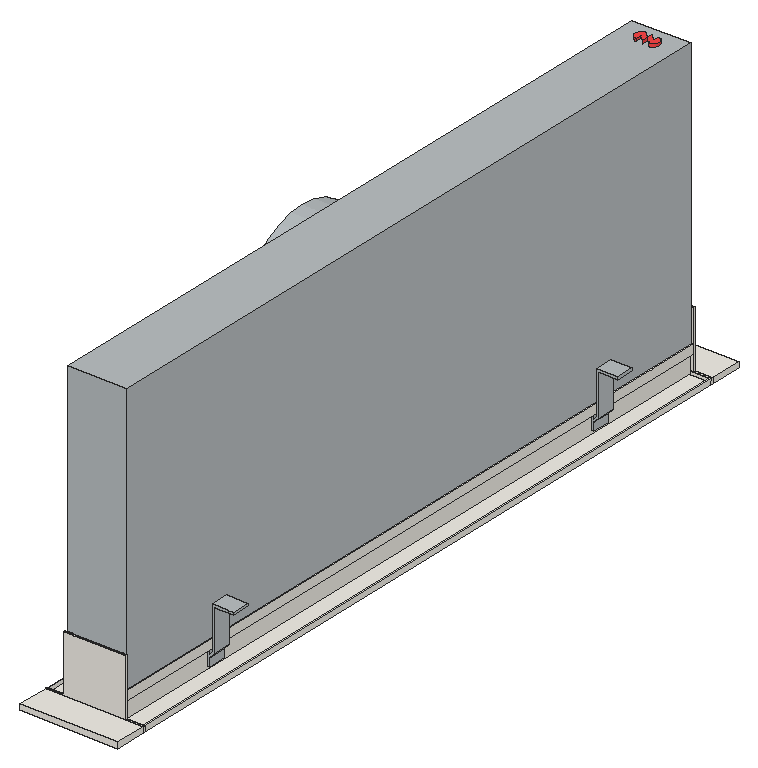
Revit family "NLRS_57_AIR_UN_linear-ceiling-grill-stxdxRUx_supply_LT_sacs", category Air Terminals, Revit 2021
Family settings
  Round Connector Dimension = Use Diameter
  Part Type = Normal
  Work Plane-Based = No
  Always vertical = Yes
  Cut with Voids When Loaded = No
  Shared = No
  Room Calculation Point = Yes
Parameters (values of type "600")
  URL = "https://solid-air.nl/producten/solid-air-lijnrooster-stad-stbd-srod/"
  Type Comments = "Standard grill with standard plenum"  # constant formula
  Swap_Endcap [instance] = no
  Swap_Arrows [instance] = no
  Slots (1-4) [instance] = 1
  SACS_West_Arrow [instance] = and(or(and([Pattern (0-2)] > 1, SACS_Index2 = 0 mm), and([Pattern (0-2)] < 1, not(Swap_Arrows)), and([Pattern (0-2)] = 1, Swap_Arrows)), SACS_Show_Arrows)  # yes
  SACS_Type_Mark [instance] = ""
  SACS_Standard_Color [instance] = yes
  SACS_Show_Symbol [instance] = yes
  SACS_Show_Arrows [instance] = yes
  SACS_Plenum_Offset [instance] = if(SACS_Index5 = 2 mm, 10 mm, 17.6 mm)  # 17.6 mm
  SACS_Plenum_L [instance] = NLRS_C_lengte - 12 mm  # 588 mm
  SACS_Plenum_H [instance] = 95 mm + NLRS_M_c01_diameter + 25 mm  # 245 mm
  SACS_Plenum_B [instance] = if(SACS_Index5 = 2 mm, 63 mm, 48.8 mm) + (SACS_Index1 - 1 mm) * 43.3  # 48.8 mm
  SACS_Option_7 [instance] = if([Slots (1-4)] < 2, "Single slot", if([Slots (1-4)] = 2, "2 slots", if([Slots (1-4)] = 3, "3 slots", "4 slots")))  # "Single slot"
  SACS_Option_6 [instance] = if([Brackets (0-3)] = 1, "A = Grill bracket A", if([Brackets (0-3)] = 2, "B = Plenum bracket B", if([Brackets (0-3)] > 2, "C = Plenum bracket C", "O = None")))  # "A = Grill bracket A"
  SACS_Option_5_Value [instance] = if([Brackets (0-3)] = 1, 1, if([Brackets (0-3)] = 2, 2, if([Brackets (0-3)] = 3, 3, 5)))  # 1
  SACS_Option_5 [instance] = if([Plenum_Type (1-2)] < 2, "R = Lined", "U = Plain")  # "R = Lined"
  SACS_Option_4 [instance] = if([Endcaps (0-3)] < 1, "A = None", if([Endcaps (0-3)] = 1, "B = One endcap", if([Endcaps (0-3)] = 2, "C = Two endcaps", "D = Two flat endcaps")))  # "C = Two endcaps"
  SACS_Option_3 [instance] = "D = Ceiling mounted"  # constant formula
  SACS_Option_2 [instance] = if([Pattern blades (1-2)] < 2, "B = Single blade", "A = Double blade")  # "A = Double blade"
  SACS_Option_1 [instance] = "ST"  # constant formula
  SACS_Offset1 [instance] = 99.5 mm + (SACS_Diameter / 2)  # 161 mm
  SACS_Model [instance] = size_lookup(SACS_Data_Hidden, "Model", "NB", NLRS_C_lengte, SACS_Index1, SACS_Index2, SACS_Index3, SACS_Index4, SACS_Index5)  # "STADCRA 600-1"
  SACS_Index5 [instance] = if([Brackets (0-3)] < 1, 5, if([Brackets (0-3)] > 3, 3, [Brackets (0-3)] - 1)) * 1 mm  # 0 mm
  SACS_Index4 [instance] = if([Plenum_Type (1-2)] < 2, 1 mm, 2 mm)  # 1 mm
  SACS_Index3 [instance] = if([Endcaps (0-3)] < 1, 0, if([Endcaps (0-3)] > 2, 3, [Endcaps (0-3)])) * 1 mm  # 2 mm
  SACS_Index2 [instance] = if([Pattern blades (1-2)] < 2, 1 mm, 0 mm)  # 0 mm
  SACS_Index1 [instance] = if([Slots (1-4)] < 2, 1 mm, if([Slots (1-4)] = 2, 2 mm, if([Slots (1-4)] = 3, 3 mm, 4 mm)))  # 1 mm
  SACS_Flow_Pattern [instance] = if([Pattern (0-2)] < 1, "Left", if([Pattern (0-2)] = 1, "Right", if(and([Pattern (0-2)] > 1, SACS_Index2 = 0 mm), "Left + Right", "Invalid")))  # "Left + Right"
  SACS_Face_Color [instance] = NLRS_57_anodised aluminium_RAL9010_gen_sacs
  SACS_East_Arrow [instance] = and(or(and([Pattern (0-2)] > 1, SACS_Index2 = 0 mm), and([Pattern (0-2)] = 1, not(Swap_Arrows)), and([Pattern (0-2)] < 1, Swap_Arrows)), SACS_Show_Arrows)  # yes
  SACS_Dummy = 1  # constant formula
  SACS_Diameter [instance] = NLRS_M_c01_diameter - 2 mm  # 123 mm
  SACS_Data_Hidden = "STxDx"  # constant formula
  SACS_Custom_Color [instance] = ""
  SACS_Color_Ral [instance] = yes
  SACS_Color [instance] = if(SACS_Standard_Color, "RAL9010", SACS_Custom_Color)  # "RAL9010"
  SACS_Base_Index = 1
  SACS_Article_Code [instance] = if(SACS_Standard_Color, size_lookup(SACS_Data_Hidden, "ArticleCode", "NB", NLRS_C_lengte, SACS_Index1, SACS_Index2, SACS_Index3, SACS_Index4, SACS_Index5), "NB")  # "8101002044"
  SACS_Array_End [instance] = SACS_Array_Base * SACS_Array_Count * 2  # 400 mm
  SACS_Array_Count [instance] = if(NLRS_C_lengte > 1200 mm, 3, 2)  # 2
  SACS_Array_Base [instance] = NLRS_C_lengte / (SACS_Array_Count + 1) / 2  # 100 mm
  SA-Select [instance] = "https://selectietool.solid-air.nl/Dashboard/CPMDashPage/Show/7"
  Plenum_Type (1-2) [instance] = 1
  Plenum_Material = NLRS_57_sendzimir verzinkt_gen_sacs
  Pattern blades (1-2) [instance] = 2
  Pattern (0-2) [instance] = 2
  NLRS_M_c01_drukverlies_statisch [instance] = 0.0 Pa
  NLRS_M_c01_diameter [instance] = size_lookup(SACS_Data_Hidden, "Diam", 125 mm, NLRS_C_lengte, SACS_Index1, SACS_Index2, SACS_Index3, SACS_Index4, SACS_Index5)  # 125 mm
  NLRS_M_c01_debiet [instance] = 0.0 L/s
  NLRS_C_model [instance] = SACS_Model  # "STADCRA 600-1"
  NLRS_C_materiaal_kleur [instance] = SACS_Color  # "RAL9010"
  NLRS_C_lengte [instance] = if(SACS_Base_Index = 1, 600 mm, if(SACS_Base_Index = 2, 750 mm, if(SACS_Base_Index = 3, 900 mm, if(SACS_Base_Index = 4, 1200 mm, if(SACS_Base_Index = 5, 1500 mm, 1800 mm)))))  # 600 mm
  NLRS_C_hoogte [instance] = SACS_Plenum_H * SACS_Dummy  # 245 mm
  NLRS_C_gtin_code [instance] = if(SACS_Standard_Color, size_lookup(SACS_Data_Hidden, "GTIN", "NB", NLRS_C_lengte, SACS_Index1, SACS_Index2, SACS_Index3, SACS_Index4, SACS_Index5), "NB")  # "NB"
  NLRS_C_description = Description  # "Solid Air Line Diffuser"
  NLRS_C_content_versie = "2.21.01"  # constant formula
  NLRS_C_content_provider = "Solid Air Climate Solutions"  # constant formula
  NLRS_C_content_datum_gewijzigd = "29-02-2024"  # constant formula
  NLRS_C_content_creator = "J.Feeke"  # constant formula
  NLRS_C_breedte [instance] = if([Brackets (0-3)] > 2, 65 mm, 52 mm) + (SACS_Index1 - 1 mm) * 43.3  # 52 mm
  Model = "Standard available ST model and types"  # constant formula
  Min Flow = 0.0 L/s
  Max Flow = 0.0 L/s
  Manufacturer = "Solid Air Climate Solutions"  # constant formula
  Endcaps (0-3) [instance] = 2
  Description = "Solid Air Line Diffuser"  # constant formula
  Default Elevation = 2700 mm
  Brackets (0-3) [instance] = 1
  Assembly Code = "57.00"
Types (7, lengths in mm): name | SACS_Plenum_L | SACS_Plenum_H | SACS_Offset1 | SACS_Model | SACS_Diameter | SACS_Base_Index | SACS_Article_Code | SACS_Array_End | SACS_Array_Count | SACS_Array_Base | NLRS_M_c01_diameter | NLRS_C_model | NLRS_C_lengte | NLRS_C_hoogte
  (no name) | 588 | 245 | 161 | "STADCRA 600-1" | 123 | 1 | "8101002044" | 400 | 2 | 100 | 125 | "STADCRA 600-1" | 600 | 245
  600 | 588 | 245 | 161 | "STADCRA 600-1" | 123 | 1 | "8101002044" | 400 | 2 | 100 | 125 | "STADCRA 600-1" | 600 | 245
  750 | 738 | 245 | 161 | "STADCRA 750-1" | 123 | 2 | "NB" | 500 | 2 | 125 | 125 | "STADCRA 750-1" | 750 | 245
  900 | 888 | 245 | 161 | "STADCRA 900-1" | 123 | 3 | "NB" | 600 | 2 | 150 | 125 | "STADCRA 900-1" | 900 | 245
  1200 | 1188 | 280 | 178.5 | "STADCRA 1200-1" | 158 | 4 | "NB" | 800 | 2 | 200 | 160 | "STADCRA 1200-1" | 1200 | 280
  1500 | 1488 | 280 | 178.5 | "STADCRA 1500-1" | 158 | 5 | "NB" | 1125 | 3 | 187.5 | 160 | "STADCRA 1500-1" | 1500 | 280
  1800 | 1788 | 320 | 198.5 | "STADCRA 1800-1" | 198 | 6 | "NB" | 1350 | 3 | 225 | 200 | "STADCRA 1800-1" | 1800 | 320
Reference planes
  plane 1 "Center (Front/Back)": y = 0
  plane 2: z = 0
  plane 3 "Center (Left/Right)": x = 0
  plane 4: y = 300
  plane 5: y = -300
  plane 6: y = 294
  plane 7: y = -294
  plane 8: x = -24.4
  plane 9: x = 24.4
  plane 10: x = -26
  plane 11: x = 26
  plane 12: x = -76
  plane 13: x = 76
  plane 14: z = 17.6
  plane 15: z = 161
  plane 16 "Top": z = 245
  plane 17: y = -200
  plane 18: y = 200
Forms (mm)
  Extrusion 1, solid, material "NLRS_57_sendzimir verzinkt_gen_sacs" <- "Plenum_Material", detail levels medium+fine
    sketch origin (0, 0, 0) x (1, 0, 0) y (0, 0, 1)
      loop
        line (-24.4, 245) -> (-24.4, 17.6) -> (24.4, 17.6) -> (24.4, 245) -> (-24.4, 245)
    from -294 to 294
  Extrusion 2, solid, material "NLRS_57_sendzimir verzinkt_gen_sacs" <- "Plenum_Material", detail levels medium+fine
    sketch origin (0, 0, 0) x (0, 1, 0) y (0, 0, 1)
      loop
        circle (0, 161) r 61.5
    from -64.4 to -24.4
Lines and regions (mm)
  model lines, visible <- "SACS_Show_Symbol", detail levels coarse
    curve 1: line (-26, 300, 0) -> (26, 300, 0)
    curve 2: line (-26, -300, 0) -> (-26, 300, 0)
    curve 3: line (26, -300, 0) -> (-26, -300, 0)
    curve 4: line (26, 300, 0) -> (26, -300, 0)
    curve 5: line (-26, 300, 0) -> (26, -300, 0)
    curve 6: line (-26, -300, 0) -> (26, 300, 0)
Dimensions and locks
  equal spacing: plane 5, plane 1 "Center (Front/Back)", plane 4
  "NLRS_C_lengte": plane 5 to plane 4
  equal spacing: plane 6, plane 1 "Center (Front/Back)", plane 7
  "SACS_Plenum_L": plane 6 to plane 7
  equal spacing: plane 10, plane 3 "Center (Left/Right)", plane 11
  "NLRS_C_breedte": plane 10 to plane 11
  "SACS_Plenum_B": plane 8 to plane 9
  equal spacing: plane 8, plane 3 "Center (Left/Right)", plane 9
  locked: plane 12 to plane 10 at 50
  locked: plane 11 to plane 13 at 50
  "SACS_Plenum_Offset": plane 14 to plane 2
  "SACS_Plenum_H": plane 16 "Top" to plane 2
  "SACS_Offset1": plane 15 to plane 2
  locked: Extrusion 2 to plane 8 at 40
  "SACS_Array_Base": plane 5 to plane 17
  "SACS_Array_End": plane 18 to plane 17
  group 1 to group 2 = 0 mm  (x2)
  group 1 to group 2 = 400 mm
  group 3 to group 4 = 0 mm  (x2)
  group 3 to group 4 = 400 mm
  locked: plane 6 to nested 6 at 15
  "SACS_Diameter": diameter of Extrusion 2 sketch curve
  aligned and locked: level to plane 2
  aligned and locked: plane 8 to Extrusion 1 sketch curve
  aligned and locked: Extrusion 1 sketch curve to plane 9
  aligned and locked: plane 14 to Extrusion 1 sketch curve
  aligned and locked: Extrusion 1 sketch curve to plane 16 "Top"
  aligned and locked: plane 6 to Extrusion 1
  aligned and locked: Extrusion 1 to plane 7
  aligned and locked: plane 15 to Extrusion 2 sketch curve
  aligned and locked: plane 1 "Center (Front/Back)" to Extrusion 2 sketch curve
  aligned and locked: plane 8 to Extrusion 2
  aligned and locked: plane 17 to nested 2
  aligned and locked: nested 1 to plane 17
  aligned and locked: plane 13 to nested 1
  aligned and locked: nested 2 to plane 12
  aligned and locked: nested 3 to plane 12
  aligned and locked: plane 18 to nested 3
  aligned and locked: plane 13 to nested 4
  aligned and locked: nested 4 to plane 18
  aligned and locked: plane 1 "Center (Front/Back)" to nested 5
  aligned and locked: plane 3 "Center (Left/Right)" to nested 5
  aligned and locked: curve 2 to plane 10
  aligned and locked: plane 4 to curve 1
  aligned and locked: curve 3 to plane 5
  aligned and locked: plane 11 to curve 4
  aligned and locked: plane 3 "Center (Left/Right)" to nested 6
Nested families
  nested 1: "Arrow" at (76, -200, 0), visible <- "SACS_East_Arrow", type "Arrow"
  nested 2: "Arrow" at (-76, -200, 0) x (-1, 0, 0) z (0, 0, 1), visible <- "SACS_West_Arrow", type "Arrow"
  nested 3: "Arrow" at (-76, 200, 0) x (-1, 0, 0) z (0, 0, 1), visible <- "SACS_West_Arrow", type "Arrow"
  nested 4: "Arrow" at (76, 200, 0), visible <- "SACS_East_Arrow", type "Arrow"
  nested 5: "SxDxxx" at (0, 0, -4.5), type "SxDxxx", detail levels medium+fine
    with SACS_Array_End 400 mm, SACS_Array_Count 2, SACS_Array_Base 100 mm
  nested 6: "logo_SACS" at (0, 279, 245), type "logo_SACS"
    with t 5 mm
Connectors
  hvac at (-24.4, 0, 161), driven by "NLRS_M_c01_diameter", driven by "NLRS_M_c01_debiet", driven by "NLRS_M_c01_drukverlies_statisch"
    settings: on Extrusion 2, index 1, duct flow 0.0 L/s, flow factor 0, pres drop 0.0 Pa, loss coef 0, conn angle 0.00°, conn width 304.8 mm, conn height 304.8 mm, conn diameter 125 mm, duct sys type 1, conn prof type 0, flow config 1, flow direction 1, loss method 4, conn ref index -1, conn util no, is conn primary yes, conn desc ""
Definition of nested family "SxDxxx"
  Parameters (values of type "SxDxxx")
    dummy = 1  # constant formula
    Swap_Endcap = no
    Slots (1-4) = 1
    Single_Slot = [Slots (1-4)] = 2  # no
    Safe_count = if([Slots (1-4)] < 3, 2, [Slots (1-4)] - 1)  # 2
    SACS_Width2 = (if([Slots (1-4)] < 2, 1, [Slots (1-4)])) * 43.3 mm  # 43.3 mm
    SACS_Real_Length = (L - 10 mm) * dummy  # 590 mm
    SACS_Array_End [instance] = SACS_Array_Base * SACS_Array_Count * 2  # 400 mm
    SACS_Array_Count [instance] = if(L > 600 mm, if(L - (rounddown(L / 600 mm) * 600 mm) = 0 mm, rounddown(L / 600 mm), rounddown(L / 600 mm) + 1), 2)  # 2
    SACS_Array_Base [instance] = L / (SACS_Array_Count + 1) / 2  # 100 mm
    Multiple_slot = [Slots (1-4)] > 2  # no
    Material = none
    L = 600 mm
    Flat_Front = or(Endplate_Front, [Endcaps (0-3)] = 3)  # yes
    Flat_Back = or(Endplate_Back, [Endcaps (0-3)] = 3)  # yes
    Endplate_Front = or(and([Endcaps (0-3)] > 1, [Endcaps (0-3)] < 3), and([Endcaps (0-3)] = 1, not(Swap_Endcap)))  # yes
    Endplate_Back = or(and([Endcaps (0-3)] > 1, [Endcaps (0-3)] < 3), and([Endcaps (0-3)] = 1, Swap_Endcap))  # yes
    Endcaps (0-3) = 2
    Description = "ST grill with brackets"  # constant formula
    Default Elevation = 2700 mm
    D = 125 mm
    Ceiling = 5 mm
    Brackets (0-4) = 1
  Reference planes
    plane 1 "Center (Front/Back)": y = 0
    plane 2: z = 0
    plane 3 "Center (Left/Right)": x = 0
    plane 4: y = 300
    plane 5: y = -300
    plane 6: y = 295
    plane 7: y = -295
    plane 8: y = -200
    plane 9: y = 200
    plane 10: x = -21.65
    plane 11 "first_midprofile": x = 21.65
    plane 12 "second midprofile": x = 64.95
    plane 13: z = 4.5
    plane 14: z = 52
    plane 15: z = 35.05
    plane 16: z = 32.55
    plane 17: z = 31.05
    plane 18: z = 36.55
    plane 19: z = 25.6
    plane 20: z = 22.1
    plane 21: z = 20.6
    plane 22: z = 17.6
    plane 23: x = -17.65
    plane 24: x = -25.95
    plane 25: x = -40.6
    plane 26: x = -9.6
    plane 27: x = 21.65
    plane 28: x = 17.65
    plane 29: x = 25.95
    plane 30: x = 40.6
    plane 31: x = 9.6
    plane 32: z = 1.5
    plane 33: x = -39.6
    plane 34: x = 39.6
    plane 35: x = -24.95
    plane 36: x = -22.4
    plane 37: x = -20.9
    plane 38: x = 22.4
    plane 39: x = 20.9
    plane 40: x = 24.95
    plane 41: y = -323.5
    plane 42: y = 323.5
    plane 43: y = -296.5
    plane 44: y = 296.5
  Forms (mm)
    Extrusion 1, solid, material <- "Material", detail levels medium+fine
      sketch origin (0, 0, 0) x (1, 0, 0) y (0, 0, 1)
        loop
          line (-20.9, 52) -> (-22.4, 52) -> (-22.4, 22.1) -> (-24.95, 22.1) -> (-24.95, 25.6) -> (-25.95, 25.6) -> (-25.95, 17.6) -> (-24.95, 17.6) -> (-24.95, 20.6) -> (-22.4, 20.6) -> (-22.4, 1.5) -> (-39.6, 1.5) -> (-39.6, 4.5) -> (-40.6, 4.5) -> (-40.6, 0) -> (-9.6, 0) -> (-9.6, 1.5) -> (-20.9, 1.5) -> (-20.9, 31.05) -> (-17.65, 31.05) -> (-17.65, 32.55) -> (-20.9, 32.55) -> (-20.9, 35.05) -> (-17.65, 35.05) -> (-17.65, 36.55) -> (-20.9, 36.55) -> (-20.9, 52)
        loop
          line (9.6, 1.5) -> (9.6, 0) -> (40.6, 0) -> (40.6, 4.5) -> (39.6, 4.5) -> (39.6, 1.5) -> (22.4, 1.5) -> (22.4, 20.6) -> (24.95, 20.6) -> (24.95, 17.6) -> (25.95, 17.6) -> (25.95, 25.6) -> (24.95, 25.6) -> (24.95, 22.1) -> (22.4, 22.1) -> (22.4, 52) -> (20.9, 52) -> (20.9, 36.55) -> (17.65, 36.55) -> (17.65, 35.05) -> (20.9, 35.05) -> (20.9, 32.55) -> (17.65, 32.55) -> (17.65, 31.05) -> (20.9, 31.05) -> (20.9, 1.5) -> (9.6, 1.5)
      from -295 to 295
    Extrusion 2, solid, material <- "Material", visible <- "Endplate_Front", detail levels medium+fine
      sketch origin (0, 0, 0) x (1, 0, 0) y (0, 1, 0)
        loop
          line (-40.6, -295) -> (-40.6, -323.5) -> (40.6, -323.5) -> (40.6, -295) -> (-40.6, -295)
      from 0 to 4.5
    Extrusion 3, solid, material <- "Material", visible <- "Endplate_Back", detail levels medium+fine
      sketch origin (0, 0, 0) x (1, 0, 0) y (0, 1, 0)
        loop
          line (-40.6, 323.5) -> (-40.6, 295) -> (40.6, 295) -> (40.6, 323.5) -> (-40.6, 323.5)
      from 0 to 4.5
    Extrusion 4, solid, material <- "Material", visible <- "Flat_Front", detail levels medium+fine
      sketch origin (0, 0, 0) x (1, 0, 0) y (0, 0, 1)
        loop
          line (-25.95, 52) -> (-25.95, 4.5) -> (-40.6, 4.5) -> (-40.6, 0) -> (40.6, 0) -> (40.6, 4.5) -> (25.95, 4.5) -> (25.95, 52) -> (-25.95, 52)
      from 295 to 296.5
    Extrusion 5, solid, material <- "Material", visible <- "Flat_Back", detail levels medium+fine
      sketch origin (0, 0, 0) x (1, 0, 0) y (0, 0, 1)
        loop
          line (-25.95, 52) -> (-25.95, 4.5) -> (-40.6, 4.5) -> (-40.6, 0) -> (40.6, 0) -> (40.6, 4.5) -> (25.95, 4.5) -> (25.95, 52) -> (-25.95, 52)
      from -296.5 to -295
    Extrusion 6, solid, not visible
      sketch origin (-525.994, -297.937, 0) x (1, 0, 0) y (0, 1, 0)
        loop
          arc (545.644, 299.937) -> (543.644, 297.937) -> (545.644, 295.937) r 2
          line (545.644, 295.937) -> (545.644, 297.937) -> (547.644, 295.937) -> (547.644, 297.937) -> (545.644, 299.937)
      from 0 to 2
    Extrusion 7, solid, not visible
      sketch origin (21.65, 0, 0) x (1, 0, 0) y (0, 1, 0)
        loop
          arc (2, -2) -> (4, 0) -> (2, 2) r 2
          line (2, 2) -> (2, 0) -> (0, 2) -> (0, 0) -> (2, -2)
      from 0 to 2
  Dimensions and locks
    equal spacing: plane 4, plane 1 "Center (Front/Back)", plane 5
    "L": plane 4 to plane 5
    equal spacing: plane 6, plane 1 "Center (Front/Back)", plane 7
    "SACS_Real_Length": plane 6 to plane 7
    "SACS_Array_Base": plane 8 to plane 5
    "SACS_Array_End": plane 9 to plane 8
    plane 10 to plane 3 "Center (Left/Right)" = 21.65 mm
    locked: plane 12 "second midprofile" to plane 11 "first_midprofile" at 43.3
    locked: plane 10 to plane 11 "first_midprofile" at 43.3
    locked: plane 13 to plane 2 at 4.5
    locked: plane 14 to plane 2 at 52
    plane 14 to plane 18 to plane 15 to plane 16 to plane 17 = 15.45 mm locked, 1.5 mm, 2.5 mm locked, 1.5 mm
    plane 26 to plane 10 to plane 25 = 12.05 mm locked, 18.95 mm locked
    plane 23 to plane 10 to plane 24 = 4 mm locked, 4.3 mm locked
    plane 31 to plane 27 to plane 30 = 12.05 mm locked, 18.95 mm locked
    plane 28 to plane 27 to plane 29 = 4 mm locked, 4.3 mm locked
    equal spacing: plane 10, plane 3 "Center (Left/Right)", plane 27
    "SACS_Width2": plane 10 to plane 27
    locked: plane 19 to plane 20 at 3.5
    locked: plane 20 to plane 21 at 1.5
    locked: plane 21 to plane 22 at 3
    locked: plane 22 to plane 2 at 17.6
    locked: plane 33 to plane 25 at 1
    plane 32 to plane 2 = 1.5 mm
    locked: plane 35 to plane 24 at 1
    locked: plane 37 to plane 10 at 0.75
    locked: plane 10 to plane 36 at 0.75
    locked: plane 27 to plane 39 at 0.75
    locked: plane 38 to plane 27 at 0.75
    locked: plane 34 to plane 30 at 1
    locked: plane 40 to plane 29 at 1
    group 1 to group 2 = 43.3 mm
    group 1 to group 2 = 0 mm  (x2)
    locked: plane 7 to plane 41 at 28.5
    locked: plane 6 to plane 42 at 28.5
    locked: plane 7 to plane 43 at 1.5
    locked: plane 44 to plane 6 at 1.5
    group 3 to group 4 = 0 mm  (x2)
    group 3 to group 4 = 400 mm
    aligned and locked: level to plane 2
    aligned and locked: plane 1 "Center (Front/Back)" to nested 1
    aligned and locked: plane 3 "Center (Left/Right)" to nested 1
    aligned and locked: Extrusion 1 sketch curve to plane 37
    aligned and locked: plane 37 to Extrusion 1 sketch curve  (x2)
    aligned and locked: Extrusion 1 sketch curve to plane 36
    aligned and locked: plane 36 to Extrusion 1 sketch curve
    aligned and locked: Extrusion 1 sketch curve to plane 14
    aligned and locked: plane 18 to Extrusion 1 sketch curve
    aligned and locked: Extrusion 1 sketch curve to plane 15
    aligned and locked: plane 16 to Extrusion 1 sketch curve
    aligned and locked: Extrusion 1 sketch curve to plane 17
    aligned and locked: Extrusion 1 sketch curve to plane 19
    aligned and locked: plane 22 to Extrusion 1 sketch curve
    aligned and locked: Extrusion 1 sketch curve to plane 20
    aligned and locked: plane 21 to Extrusion 1 sketch curve
    aligned and locked: Extrusion 1 sketch curve to plane 24
    aligned and locked: plane 35 to Extrusion 1 sketch curve
    aligned and locked: Extrusion 1 sketch curve to plane 35
    aligned and locked: Extrusion 1 sketch curve to plane 23  (x2)
    aligned and locked: Extrusion 1 sketch curve to plane 32
    aligned and locked: plane 32 to Extrusion 1 sketch curve  (x3)
    aligned and locked: plane 33 to Extrusion 1 sketch curve
    aligned and locked: plane 13 to Extrusion 1 sketch curve
    aligned and locked: Extrusion 1 sketch curve to plane 25
    aligned and locked: Extrusion 1 sketch curve to plane 2  (x2)
    aligned and locked: Extrusion 1 sketch curve to plane 30
    aligned and locked: plane 31 to Extrusion 1 sketch curve
    aligned and locked: plane 39 to Extrusion 1 sketch curve
    aligned and locked: Extrusion 1 sketch curve to plane 39
    aligned and locked: plane 14 to Extrusion 1 sketch curve
    aligned and locked: Extrusion 1 sketch curve to plane 38
    aligned and locked: plane 38 to Extrusion 1 sketch curve
    aligned and locked: Extrusion 1 sketch curve to plane 22
    aligned and locked: plane 19 to Extrusion 1 sketch curve
    aligned and locked: plane 29 to Extrusion 1 sketch curve
    aligned and locked: plane 28 to Extrusion 1 sketch curve  (x2)
    aligned and locked: Extrusion 1 sketch curve to plane 18
    aligned and locked: plane 15 to Extrusion 1 sketch curve
    aligned and locked: Extrusion 1 sketch curve to plane 16
    aligned and locked: plane 17 to Extrusion 1 sketch curve
    aligned and locked: Extrusion 1 sketch curve to plane 40  (x2)
    aligned and locked: plane 20 to Extrusion 1 sketch curve
    aligned and locked: Extrusion 1 sketch curve to plane 21
    aligned and locked: Extrusion 1 to plane 6
    aligned and locked: Extrusion 1 to plane 7
    aligned and locked: plane 11 "first_midprofile" to nested 2
    aligned and locked: plane 12 "second midprofile" to nested 3
    aligned and locked: Extrusion 2 to plane 25
    aligned and locked: Extrusion 2 sketch curve to plane 25
    aligned and locked: Extrusion 2 sketch curve to plane 7
    aligned and locked: Extrusion 2 sketch curve to plane 41
    aligned and locked: Extrusion 2 sketch curve to plane 30
    aligned and locked: Extrusion 2 to plane 2
    aligned and locked: plane 13 to Extrusion 2
    aligned and locked: Extrusion 3 sketch curve to plane 6
    aligned and locked: plane 25 to Extrusion 3 sketch curve
    aligned and locked: plane 30 to Extrusion 3 sketch curve
    aligned and locked: plane 42 to Extrusion 3 sketch curve
    aligned and locked: Extrusion 3 to plane 2
    aligned and locked: plane 13 to Extrusion 3
    aligned and locked: Extrusion 4 sketch curve to plane 14
    aligned and locked: Extrusion 4 sketch curve to plane 29
    aligned and locked: plane 13 to Extrusion 4 sketch curve  (x2)
    aligned and locked: Extrusion 4 sketch curve to plane 30
    aligned and locked: Extrusion 4 sketch curve to plane 24
    aligned and locked: Extrusion 4 sketch curve to plane 25
    aligned and locked: Extrusion 4 sketch curve to plane 2
    aligned and locked: Extrusion 4 to plane 7
    aligned and locked: Extrusion 4 to plane 43
    aligned and locked: Extrusion 5 to plane 6
    aligned and locked: Extrusion 5 to plane 44
    aligned and locked: Extrusion 5 sketch curve to plane 24
    aligned and locked: Extrusion 5 sketch curve to plane 29
    aligned and locked: Extrusion 5 sketch curve to plane 25
    aligned and locked: Extrusion 5 sketch curve to plane 2
    aligned and locked: plane 13 to Extrusion 5 sketch curve  (x2)
    aligned and locked: Extrusion 5 sketch curve to plane 30
    aligned and locked: Extrusion 5 sketch curve to plane 14
    aligned and locked: nested 4 to plane 8
    aligned and locked: nested 5 to plane 9
  Automatic sketch dimensions
    Extrusion 1 sketch curve to plane 26 = 0 mm
    plane 39 to Extrusion 1 sketch curve = 0 mm
    Extrusion 1 sketch curve to plane 13 = 0 mm
    plane 34 to Extrusion 1 sketch curve = 0 mm
    plane 33 to Extrusion 6 sketch curve = 59.25 mm
    Extrusion 6 sketch curve to Extrusion 6 sketch curve = 2 mm  (x3)
    Extrusion 6 sketch curve to plane 6 = 297 mm
    Extrusion 6 sketch curve to Extrusion 6 sketch curve = 0 mm  (x2)
    plane 33 to Extrusion 7 sketch curve = 61.25 mm
    Extrusion 7 sketch curve to Extrusion 7 sketch curve = 2 mm  (x2)
    Extrusion 7 sketch curve to plane 6 = 297 mm
    Extrusion 7 sketch curve to Extrusion 7 sketch curve = 0 mm  (x3)
  Nested families
    nested 1: "midprofile" at (0, 0, 0), visible <- "Single_Slot", type "midprofile", detail levels medium+fine
    nested 2: "midprofile" at (21.65, 0, 0), visible <- "Multiple_slot", type "midprofile", detail levels medium+fine
    nested 3: "midprofile" at (64.95, 0, 0), visible <- "Multiple_slot", type "midprofile", detail levels medium+fine
    nested 4: "bracket" at (0, -200, 0), type "bracket"
    nested 5: "bracket" at (0, 200, 0), type "bracket"
  Definition of nested family "midprofile"
    Parameters (values of type "midprofile")
      Material = none
      Draw_Length = 590 mm
      Description = "midprofile line diffusers"  # constant formula
      Default Elevation = 0 mm
    Reference planes
      plane 1 "Center (Front/Back)": y = 0
      plane 2: z = 0
      plane 3 "Center (Left/Right)": x = 0
      plane 4: y = 295
      plane 5: y = -295
      plane 6: x = -12
      plane 7: x = 12
      plane 8: x = -0.75
      plane 9: x = 0.75
      plane 10: z = 1.5
      plane 11: z = 30.3
    Forms (mm)
      Extrusion 1, solid, material <- "Material", detail levels medium+fine
        sketch origin (0, 0, 0) x (1, 0, 0) y (0, 0, 1)
          loop
            line (-0.75, 30.3) -> (-0.75, 1.5) -> (-12, 1.5) -> (-12, 0) -> (12, 0) -> (12, 1.5) -> (0.75, 1.5) -> (0.75, 30.3) -> (-0.75, 30.3)
        from -295 to 295
      Extrusion 2, solid, not visible
        sketch origin (-547.644, -297.937, 0) x (1, 0, 0) y (0, 1, 0)
          loop
            arc (545.644, 299.937) -> (543.644, 297.937) -> (545.644, 295.937) r 2
            line (545.644, 295.937) -> (545.644, 297.937) -> (547.644, 295.937) -> (547.644, 297.937) -> (545.644, 299.937)
        from 0 to 2
      Extrusion 3, solid, not visible
        sketch origin (0, 0, 0) x (1, 0, 0) y (0, 1, 0)
          loop
            arc (2, -2) -> (4, 0) -> (2, 2) r 2
            line (2, 2) -> (2, 0) -> (0, 2) -> (0, 0) -> (2, -2)
        from 0 to 2
    Dimensions and locks
      equal spacing: plane 4, plane 1 "Center (Front/Back)", plane 5
      "Draw_Length": plane 4 to plane 5
      locked: plane 10 to plane 2 at 1.5
      equal spacing: plane 9, plane 3 "Center (Left/Right)", plane 8
      locked: plane 9 to plane 8 at 1.5
      equal spacing: plane 7, plane 3 "Center (Left/Right)", plane 6
      locked: plane 7 to plane 6 at 24
      locked: plane 11 to plane 2 at 30.3
      aligned and locked: level to plane 2
      aligned and locked: plane 8 to Extrusion 1 sketch curve
      aligned and locked: Extrusion 1 sketch curve to plane 9
      aligned and locked: Extrusion 1 sketch curve to plane 11
      aligned and locked: Extrusion 1 sketch curve to plane 7
      aligned and locked: plane 6 to Extrusion 1 sketch curve
      aligned and locked: Extrusion 1 sketch curve to plane 10  (x2)
      aligned and locked: plane 2 to Extrusion 1 sketch curve
      aligned and locked: plane 4 to Extrusion 1
      aligned and locked: Extrusion 1 to plane 5
    Automatic sketch dimensions
      Extrusion 2 sketch curve to plane 7 = 14 mm
      Extrusion 2 sketch curve to Extrusion 2 sketch curve = 2 mm  (x3)
      plane 1 "Center (Front/Back)" to Extrusion 2 sketch curve = 2 mm
      Extrusion 2 sketch curve to Extrusion 2 sketch curve = 0 mm  (x2)
      Extrusion 3 sketch curve to plane 7 = 12 mm
      Extrusion 3 sketch curve to Extrusion 3 sketch curve = 2 mm  (x2)
      plane 1 "Center (Front/Back)" to Extrusion 3 sketch curve = 2 mm
      Extrusion 3 sketch curve to Extrusion 3 sketch curve = 0 mm  (x3)
  Definition of nested family "bracket"
    Parameters (values of type "bracket")
      slots = 1
      count = if(slots < 1, 0, (slots - 1)) * Dummy  # 0
      Type_D = Bracket = 4  # no
      Type_CD = or(Type_C, Type_D)  # no
      Type_C = Bracket = 3  # no
      Type_B = Bracket = 2  # no
      Type_A = Bracket = 1  # yes
      Material = none
      Dummy = 1  # constant formula
      Diameter = 125 mm
      Default Elevation = 0 mm
      Ceiling = 5 mm
      Bracket = 1
    Reference planes
      plane 1 "Center (Front/Back)": y = 0
      plane 2: z = 0
      plane 3 "Center (Left/Right)": x = 0
      plane 4: y = 7.5
      plane 5: y = -7.5
    Forms (mm)
      Sweep 1, solid, material <- "Material", visible <- "Type_A", detail levels medium+fine
        path in 3D
          loop
            line (0, 7.5, 32.8) -> (0, -7.5, 32.8)
        profile "Profile_A : Profile_A" origin (0, 0, 32.8) x (0, 0, -1) y (1, 0, 0)
          loop
            line (-17.25, 44.75) -> (-19.25, 44.75) -> (-19.25, 26.85) -> (16.42, 26.85) -> (18.67, 24.6) -> (12.3, 24.6) -> (12.3, 22.6) -> (28.25, 22.6) -> (28.25, 24.6) -> (21.5, 24.6) -> (17.25, 28.85) -> (-17.25, 28.85) -> (-17.25, 44.75)
          loop
            line (-17.25, -44.75) -> (-17.25, -28.85) -> (17.25, -28.85) -> (21.5, -24.6) -> (28.25, -24.6) -> (28.25, -22.6) -> (12.3, -22.6) -> (12.3, -24.6) -> (18.67, -24.6) -> (16.42, -26.85) -> (-19.25, -26.85) -> (-19.25, -44.75) -> (-17.25, -44.75)
      Sweep 2, solid, material <- "Material", visible <- "Type_B", detail levels medium+fine
        path in 3D
          loop
            line (0, 7.5, 32.8) -> (0, -7.5, 32.8)
        profile "Profile_B : Profile_B" origin (0, 0, 32.8) x (0, 0, -1) y (1, 0, 0)
          loop
            line (-216.75, 56.4) -> (-216.75, 24.4) -> (-184.75, 24.4) -> (-184.75, 26.4) -> (-214.75, 26.4) -> (-214.75, 56.4) -> (-216.75, 56.4)
          loop
            line (-216.75, -56.4) -> (-214.75, -56.4) -> (-214.75, -26.4) -> (-184.75, -26.4) -> (-184.75, -24.4) -> (-216.75, -24.4) -> (-216.75, -56.4)
      Sweep 3, solid, material <- "Material", visible <- "Type_CD", detail levels medium+fine
        path in 3D
          loop
            line (0, 7.5, 32.8) -> (0, -7.5, 32.8)
        profile "Profile_CD : Profile_CD" origin (0, 0, 32.8) x (0, 0, -1) y (1, 0, 0)
          loop
            line (-40.7, 25) -> (-40.7, -25) -> (18.3, -30.5) -> (18.3, -28.5) -> (-38.7, -23.55) -> (-38.7, 23.55) -> (18.3, 28.5) -> (18.3, 30.5) -> (-40.7, 25)
          loop
            arc (-25, -8.5) -> (-24.298, -10.428) -> (-22.521, -11.454) r 3
            line (-22.521, -11.454) -> (-2.826, -14.925)
            arc (-2.826, -14.925) -> (-2.234, -15.267) -> (-2, -15.91) r 1
            line (-2, -15.91) -> (-2, -20.5) -> (0, -20.5) -> (0, -15.91)
            arc (0, -15.91) -> (-0.702, -13.982) -> (-2.479, -12.956) r 3
            line (-2.479, -12.956) -> (-22.174, -9.485)
            arc (-22.174, -9.485) -> (-22.766, -9.143) -> (-23, -8.5) r 1
            line (-23, -8.5) -> (-23, 8.5)
            arc (-23, 8.5) -> (-22.766, 9.143) -> (-22.174, 9.485) r 1
            line (-22.174, 9.485) -> (-2.479, 12.956)
            arc (-2.479, 12.956) -> (-0.702, 13.982) -> (0, 15.91) r 3
            line (0, 15.91) -> (0, 20.5) -> (-2, 20.5) -> (-2, 15.91)
            arc (-2, 15.91) -> (-2.234, 15.267) -> (-2.826, 14.925) r 1
            line (-2.826, 14.925) -> (-22.521, 11.454)
            arc (-22.521, 11.454) -> (-24.298, 10.428) -> (-25, 8.5) r 3
            line (-25, 8.5) -> (-25, -8.5)
      Extrusion 4, solid, not visible
        sketch origin (-547.644, -297.937, 0) x (1, 0, 0) y (0, 1, 0)
          loop
            arc (545.644, 299.937) -> (543.644, 297.937) -> (545.644, 295.937) r 2
            line (545.644, 295.937) -> (545.644, 297.937) -> (547.644, 295.937) -> (547.644, 297.937) -> (545.644, 299.937)
        from 0 to 2
      Extrusion 5, solid, not visible
        sketch origin (0, 0, 0) x (1, 0, 0) y (0, 1, 0)
          loop
            arc (2, -2) -> (4, 0) -> (2, 2) r 2
            line (2, 2) -> (2, 0) -> (0, 2) -> (0, 0) -> (2, -2)
        from 0 to 2
    Lines and regions (mm)
      model lines, not visible
        curve 1: line (0, 7.5, 32.8) -> (0, -7.5, 32.8)
      sketch lines
        curve 2: line (0, 7.5, 32.8) -> (0, -7.5, 32.8)
        curve 3: line (0, 7.5, 32.8) -> (0, -7.5, 32.8)
        curve 4: line (0, 7.5, 32.8) -> (0, -7.5, 32.8)
    Dimensions and locks
      equal spacing: plane 5, plane 1 "Center (Front/Back)", plane 4
      locked: plane 4 to plane 5 at 15
      locked: plane 2 to curve 1 at 32.8
      aligned and locked: level to plane 2
      aligned and locked: plane 5 to curve 1
      aligned and locked: plane 4 to curve 1
    Automatic sketch dimensions
      plane 1 "Center (Front/Back)" to Extrusion 4 sketch curve = 0 mm  (x3)
      Extrusion 4 sketch curve to plane 3 "Center (Left/Right)" = 0 mm
      Extrusion 4 sketch curve to plane 3 "Center (Left/Right)" = 2 mm
      Extrusion 4 sketch curve to Extrusion 4 sketch curve = 2 mm  (x2)
      plane 1 "Center (Front/Back)" to Extrusion 5 sketch curve = 0 mm  (x3)
      Extrusion 5 sketch curve to plane 3 "Center (Left/Right)" = 0 mm
      Extrusion 5 sketch curve to Extrusion 5 sketch curve = 2 mm  (x2)
      Extrusion 5 sketch curve to Extrusion 5 sketch curve = 0 mm
Definition of nested family "logo_SACS"
  Parameters (values of type "logo_SACS")
    t = 2 mm
    Model = "LOD 400"
    Description = "Model type"
    Default Elevation = 1219.2 mm
  Reference planes
    plane 1 "Center (Front/Back)": y = 0
    plane 2: z = 0
    plane 3 "Center (Left/Right)": x = 0
    plane 4: z = 2
    plane 5: x = -4
    plane 6: y = -2
    plane 7: y = 2
    plane 8: x = -2
    plane 9: x = 2
    plane 10: x = 4
  Forms (mm)
    Extrusion 1, solid
      sketch origin (-547.644, -297.937, 0) x (1, 0, 0) y (0, 1, 0)
        loop
          arc (545.644, 299.937) -> (543.644, 297.937) -> (545.644, 295.937) r 2
          line (545.644, 295.937) -> (545.644, 297.937) -> (547.644, 295.937) -> (547.644, 297.937) -> (545.644, 299.937)
      from 0 to 2
    Extrusion 2, solid
      sketch origin (0, 0, 0) x (1, 0, 0) y (0, 1, 0)
        loop
          arc (2, -2) -> (4, 0) -> (2, 2) r 2
          line (2, 2) -> (2, 0) -> (0, 2) -> (0, 0) -> (2, -2)
      from 0 to 2
  Dimensions and locks
    "t": plane 7 to plane 1 "Center (Front/Back)"
    "t": plane 6 to plane 1 "Center (Front/Back)"
    "t": plane 5 to plane 8
    "t": plane 8 to plane 3 "Center (Left/Right)"
    "t": plane 3 "Center (Left/Right)" to plane 9
    "t": plane 9 to plane 10
    aligned and locked: level to plane 2
    aligned and locked: plane 4 to Extrusion 1
  Automatic sketch dimensions
    plane 1 "Center (Front/Back)" to Extrusion 1 sketch curve = 0 mm  (x3)
    Extrusion 1 sketch curve to plane 8 = 0 mm
    Extrusion 1 sketch curve to plane 7 = 0 mm
    Extrusion 1 sketch curve to plane 3 "Center (Left/Right)" = 0 mm
    Extrusion 1 sketch curve to plane 6 = 0 mm
    Extrusion 2 sketch curve to plane 3 "Center (Left/Right)" = 0 mm
    plane 1 "Center (Front/Back)" to Extrusion 2 sketch curve = 0 mm  (x3)
    Extrusion 2 sketch curve to plane 6 = 0 mm
    Extrusion 2 sketch curve to plane 9 = 0 mm
    Extrusion 2 sketch curve to plane 7 = 0 mm
Definition of nested family "Arrow"
  Parameters (values of type "Arrow")
    Offset = 400 mm
    Arrow_Length = 175 mm  # constant formula
  Reference planes
    plane 1 "Center (Front/Back)": y = 0
    plane 2: z = 0
    plane 3 "Center (Left/Right)": x = 0
    plane 4: x = 175
    plane 5: y = 0
    plane 6: x = 175
    plane 7: x = 0
    plane 8: y = 0
  Lines and regions (mm)
    Filled region 1, type "Solid Fill - Black", in view "Ref. Level"
      outline origin (0, 0, 0) x (0, -1, 0) y (1, 0, 0)
        loop
          line (0, 175) -> (-21.131, 129.685) -> (21.131, 129.685) -> (0, 175)
    detail lines, in view "Ref. Level"
      curve 1: line (0, 0, 0) -> (152.343, 0, 0)
  Dimensions and locks
    locked: plane 3 "Center (Left/Right)" to plane 7
    locked: plane 8 to plane 1 "Center (Front/Back)" at 0
    locked: Filled region 1 sketch curve to Filled region 1 sketch curve at 50  (x2)
    "Arrow_Length": plane 3 "Center (Left/Right)" to plane 6
    locked: Filled region 1 sketch curve to curve 1 (angle 25.00°)
    locked: curve 1 to Filled region 1 sketch curve (angle 25.00°)
  Automatic sketch dimensions
    plane 1 "Center (Front/Back)" to Filled region 1 sketch curve = 0 mm
    Filled region 1 sketch curve to plane 4 = 45.315 mm
    plane 1 "Center (Front/Back)" to curve 1 = 0 mm
    curve 1 to plane 3 "Center (Left/Right)" = 0 mm
    curve 1 to plane 4 = 22.657 mm
